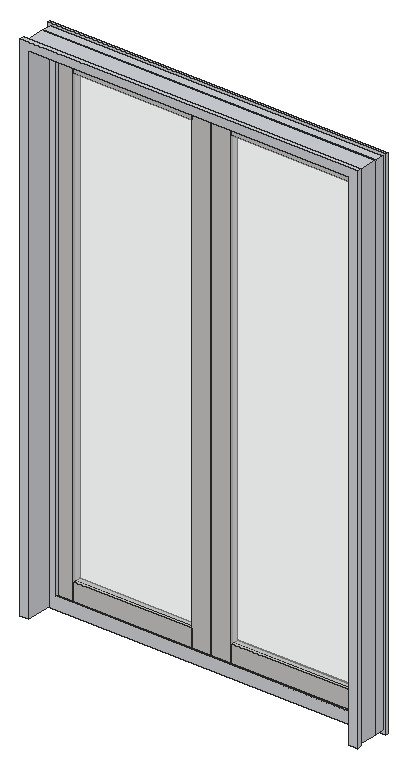
Revit family "APL Residential Thermal Heart French Door Open Out", category Doors, host Wall, Revit 2017 (continued)
Definition of nested family "APL Residential Thermal Heart French Door Open Out Horizontal Section"
  Definition of nested family "Keeper&Lock Stile"
    Definition of nested family "65240_Rebated Keeper Stile"
      Lines and regions (mm)
        model lines, in view "Ref. Level"
          curve 91: line (24.9, 64.753, 0) -> (24.9, 61.525, 0)
          curve 92: line (24.9, 61.525, 0) -> (24.706, 60.75, 0)
          curve 93: line (24.9, 60.5, 0) -> (25.421, 60.5, 0)
          curve 94: line (25.421, 60.5, 0) -> (26.831, 61.309, 0)
          curve 95: line (27.4, 61.45, 0) -> (27.4, 58.7, 0)
          curve 96: line (27.2, 58.5, 0) -> (20.403, 58.5, 0)
          curve 97: line (20.403, 58.5, 0) -> (20.003, 58.9, 0)
          curve 98: line (20.003, 58.9, 0) -> (19.603, 58.5, 0)
          curve 99: line (19.603, 58.5, 0) -> (16.403, 58.5, 0)
          curve 100: line (15.903, 59, 0) -> (15.903, 65.2, 0)
          curve 101: line (15.703, 65.4, 0) -> (12.6, 65.4, 0)
          curve 102: line (12.4, 65.2, 0) -> (12.4, 61.08, 0)
          curve 103: line (9.8, 58.48, 0) -> (1.8, 58.48, 0)
          curve 104: line (1.6, 58.28, 0) -> (1.6, 12.1, 0)
          curve 105: line (2.1, 11.6, 0) -> (6.317, 11.6, 0)
          curve 106: line (7.917, 10, 0) -> (7.917, 1.6, 0)
          curve 107: line (7.917, 1.6, 0) -> (28, 1.6, 0)
          curve 108: line (29, 2.6, 0) -> (29, 7.4, 0)
          curve 109: line (30, 8.4, 0) -> (33.2, 8.4, 0)
          curve 110: line (33.4, 8.2, 0) -> (33.4, 5.551, 0)
          curve 111: line (32.831, 5.691, 0) -> (31.577, 6.456, 0)
          curve 112: line (31.577, 6.456, 0) -> (30.9, 6.5, 0)
          curve 113: line (30.706, 6.25, 0) -> (30.894, 5.525, 0)
          curve 114: line (30.894, 5.525, 0) -> (30.9, 2.247, 0)
          curve 115: line (31.154, 1.5, 0) -> (33.221, 2.043, 0)
          curve 116: line (33.221, 2.043, 0) -> (33.407, 2.352, 0)
          curve 117: arc (33.221, 2.043, 0) -> (33.31, 2.095, 0) -> (33.362, 2.184, 0) r 0.2
          curve 118: arc (24.9, 61.439, 0) -> (25.017, 61.156, 0) -> (25.3, 61.039, 0) r 0.4
          curve 119: arc (25.593, 61.039, 0) -> (25.696, 61.053, 0) -> (25.793, 61.093, 0) r 0.4
          curve 120: arc (27.321, 61.978, 0) -> (27.611, 62.098, 0) -> (27.922, 62.139, 0) r 1.2
          curve 121: arc (28.845, 62.139, 0) -> (29.418, 62.32, 0) -> (29.784, 62.797, 0) r 1
          curve 122: arc (30.577, 64.976, 0) -> (30.724, 65.167, 0) -> (30.953, 65.239, 0) r 0.4
          curve 123: arc (37.447, 65.239, 0) -> (37.676, 65.167, 0) -> (37.823, 64.976, 0) r 0.4
          curve 124: arc (38.616, 62.797, 0) -> (38.982, 62.32, 0) -> (39.555, 62.139, 0) r 1
          curve 125: arc (40.478, 62.139, 0) -> (40.789, 62.098, 0) -> (41.079, 61.978, 0) r 1.2
          curve 126: arc (42.607, 61.093, 0) -> (42.704, 61.053, 0) -> (42.807, 61.039, 0) r 0.4
          curve 127: arc (43.1, 61.039, 0) -> (43.383, 61.156, 0) -> (43.5, 61.439, 0) r 0.4
          curve 128: arc (43.5, 64.839, 0) -> (43.383, 65.122, 0) -> (43.1, 65.239, 0) r 0.4
          curve 129: arc (42.807, 65.239, 0) -> (42.704, 65.225, 0) -> (42.607, 65.185, 0) r 0.4
          curve 130: arc (41.079, 64.301, 0) -> (40.785, 64.179, 0) -> (40.47, 64.139, 0) r 1.2
          curve 131: arc (40.47, 64.139, 0) -> (40.295, 64.192, 0) -> (40.184, 64.336, 0) r 0.3
          curve 132: arc (39.296, 66.776, 0) -> (39.149, 66.967, 0) -> (38.92, 67.039, 0) r 0.4
          curve 133: arc (29.48, 67.039, 0) -> (29.251, 66.967, 0) -> (29.104, 66.776, 0) r 0.4
          curve 134: arc (28.216, 64.336, 0) -> (28.105, 64.192, 0) -> (27.93, 64.139, 0) r 0.3
          curve 135: arc (27.93, 64.139, 0) -> (27.615, 64.179, 0) -> (27.321, 64.301, 0) r 1.2
          curve 136: arc (25.793, 65.185, 0) -> (25.696, 65.225, 0) -> (25.593, 65.239, 0) r 0.4
          curve 137: arc (25.3, 65.239, 0) -> (25.017, 65.122, 0) -> (24.9, 64.839, 0) r 0.4
          curve 138: line (25.3, 61.039, 0) -> (25.593, 61.039, 0)
          curve 139: line (25.793, 61.093, 0) -> (27.321, 61.978, 0)
          curve 140: line (27.922, 62.139, 0) -> (28.845, 62.139, 0)
          curve 141: line (29.784, 62.797, 0) -> (30.577, 64.976, 0)
          curve 142: line (30.953, 65.239, 0) -> (37.447, 65.239, 0)
          curve 143: line (37.823, 64.976, 0) -> (38.616, 62.797, 0)
          curve 144: line (39.555, 62.139, 0) -> (40.478, 62.139, 0)
          curve 145: line (41.079, 61.978, 0) -> (42.607, 61.093, 0)
          curve 146: line (42.807, 61.039, 0) -> (43.1, 61.039, 0)
          curve 147: line (43.5, 61.439, 0) -> (43.5, 64.839, 0)
          curve 148: line (43.1, 65.239, 0) -> (42.807, 65.239, 0)
          curve 149: line (42.607, 65.185, 0) -> (41.079, 64.301, 0)
          curve 150: line (40.184, 64.336, 0) -> (39.296, 66.776, 0)
          curve 151: line (38.92, 67.039, 0) -> (29.48, 67.039, 0)
          curve 152: line (29.104, 66.776, 0) -> (28.216, 64.336, 0)
          curve 153: line (27.321, 64.301, 0) -> (25.793, 65.185, 0)
          curve 154: line (25.593, 65.239, 0) -> (25.3, 65.239, 0)
          curve 155: line (24.9, 64.839, 0) -> (24.9, 61.439, 0)
          curve 156: arc (30.9, 5.639, 0) -> (31.017, 5.922, 0) -> (31.3, 6.039, 0) r 0.4
          curve 157: arc (31.593, 6.039, 0) -> (31.696, 6.025, 0) -> (31.793, 5.985, 0) r 0.4
          curve 158: arc (33.321, 5.101, 0) -> (33.611, 4.98, 0) -> (33.922, 4.939, 0) r 1.2
          curve 159: arc (34.845, 4.939, 0) -> (35.418, 4.758, 0) -> (35.784, 4.281, 0) r 1
          curve 160: arc (36.577, 2.102, 0) -> (36.724, 1.911, 0) -> (36.953, 1.839, 0) r 0.4
          curve 161: arc (43.447, 1.839, 0) -> (43.676, 1.911, 0) -> (43.823, 2.102, 0) r 0.4
          curve 162: arc (44.616, 4.281, 0) -> (44.982, 4.758, 0) -> (45.555, 4.939, 0) r 1
          curve 163: arc (46.478, 4.939, 0) -> (46.789, 4.98, 0) -> (47.079, 5.101, 0) r 1.2
          curve 164: arc (48.607, 5.985, 0) -> (48.704, 6.025, 0) -> (48.807, 6.039, 0) r 0.4
          curve 165: arc (49.1, 6.039, 0) -> (49.383, 5.922, 0) -> (49.5, 5.639, 0) r 0.4
          curve 166: arc (49.5, 2.242, 0) -> (49.384, 1.957, 0) -> (49.1, 1.839, 0) r 0.4
          curve 167: arc (48.807, 1.839, 0) -> (48.704, 1.853, 0) -> (48.607, 1.893, 0) r 0.4
          curve 168: arc (47.079, 2.778, 0) -> (46.785, 2.899, 0) -> (46.47, 2.939, 0) r 1.2
          curve 169: arc (46.47, 2.939, 0) -> (46.295, 2.886, 0) -> (46.184, 2.742, 0) r 0.3
          curve 170: arc (45.296, 0.302, 0) -> (45.149, 0.111, 0) -> (44.92, 0.039, 0) r 0.4
          curve 171: arc (35.48, 0.039, 0) -> (35.251, 0.111, 0) -> (35.104, 0.302, 0) r 0.4
          curve 172: arc (34.216, 2.742, 0) -> (34.105, 2.886, 0) -> (33.93, 2.939, 0) r 0.3
          curve 173: arc (33.93, 2.939, 0) -> (33.615, 2.899, 0) -> (33.321, 2.778, 0) r 1.2
          curve 174: arc (31.793, 1.893, 0) -> (31.696, 1.853, 0) -> (31.593, 1.839, 0) r 0.4
          curve 175: arc (31.3, 1.839, 0) -> (31.017, 1.956, 0) -> (30.9, 2.239, 0) r 0.4
          curve 176: line (31.3, 6.039, 0) -> (31.593, 6.039, 0)
          curve 177: line (31.793, 5.985, 0) -> (33.321, 5.101, 0)
          curve 178: line (33.922, 4.939, 0) -> (34.845, 4.939, 0)
          curve 179: line (35.784, 4.281, 0) -> (36.577, 2.102, 0)
          curve 180: line (36.953, 1.839, 0) -> (43.447, 1.839, 0)
          curve 181: line (43.823, 2.102, 0) -> (44.616, 4.281, 0)
          curve 182: line (45.555, 4.939, 0) -> (46.478, 4.939, 0)
          curve 183: line (47.079, 5.101, 0) -> (48.607, 5.985, 0)
          curve 184: line (48.807, 6.039, 0) -> (49.1, 6.039, 0)
          curve 185: line (49.5, 5.639, 0) -> (49.5, 2.247, 0)
          curve 186: line (49.1, 1.839, 0) -> (48.807, 1.839, 0)
          curve 187: line (48.607, 1.893, 0) -> (47.079, 2.778, 0)
          curve 188: line (46.184, 2.742, 0) -> (45.296, 0.302, 0)
          curve 189: line (44.92, 0.039, 0) -> (35.48, 0.039, 0)
          curve 190: line (35.104, 0.302, 0) -> (34.216, 2.742, 0)
          curve 191: line (33.321, 2.778, 0) -> (31.793, 1.893, 0)
          curve 192: line (31.593, 1.839, 0) -> (31.3, 1.839, 0)
          curve 193: line (30.9, 2.247, 0) -> (30.9, 5.639, 0)
          curve 194: arc (49.5, 2.247, 0) -> (49.526, 2.125, 0) -> (49.6, 2.024, 0) r 0.3
          curve 195: arc (49.6, 2.024, 0) -> (49.68, 1.693, 0) -> (49.4, 1.5, 0) r 0.3
          curve 196: arc (47.179, 2.043, 0) -> (47.09, 2.095, 0) -> (47.038, 2.184, 0) r 0.2
          curve 197: arc (46.993, 2.352, 0) -> (46.852, 2.493, 0) -> (46.659, 2.441, 0) r 0.2
          curve 198: arc (46.295, 2.078, 0) -> (46.235, 1.992, 0) -> (46.208, 1.892, 0) r 0.3
          curve 199: arc (46.001, -0.474, 0) -> (46.117, -0.738, 0) -> (46.403, -0.782, 0) r 0.3
          curve 200: arc (47.813, -0.268, 0) -> (47.939, -0.181, 0) -> (48.005, -0.043, 0) r 0.3
          curve 201: arc (48.005, -0.043, 0) -> (48.278, 0.199, 0) -> (48.583, 0, 0) r 0.3
          curve 202: arc (50.3, 0, 0) -> (50.441, -0.059, 0) -> (50.5, -0.2, 0) r 0.2
          curve 203: arc (50.5, -17.5, 0) -> (50.646, -17.854, 0) -> (51, -18, 0) r 0.5
          curve 204: arc (51.5, -18, 0) -> (51.854, -17.854, 0) -> (52, -17.5, 0) r 0.5
          curve 205: arc (52, 86.2, 0) -> (51.8, 86.4, 0) -> (51.6, 86.2, 0) r 0.2
          curve 206: arc (43, 86, 0) -> (42.646, 85.854, 0) -> (42.5, 85.5, 0) r 0.5
          curve 207: arc (42.5, 84.25, 0) -> (43, 83.75, 0) -> (43.5, 84.25, 0) r 0.5
          curve 208: arc (43.5, 84.8, 0) -> (43.559, 84.941, 0) -> (43.7, 85, 0) r 0.2
          curve 209: arc (44.8, 85, 0) -> (44.941, 84.941, 0) -> (45, 84.8, 0) r 0.2
          curve 210: arc (45, 79.7, 0) -> (44.941, 79.559, 0) -> (44.8, 79.5, 0) r 0.2
          curve 211: arc (43.7, 79.5, 0) -> (43.559, 79.559, 0) -> (43.5, 79.7, 0) r 0.2
          curve 212: arc (43.5, 80.25, 0) -> (43, 80.75, 0) -> (42.5, 80.25, 0) r 0.5
          curve 213: arc (42.5, 78.7, 0) -> (42.559, 78.559, 0) -> (42.7, 78.5, 0) r 0.2
          curve 214: arc (46, 78.5, 0) -> (46.354, 78.646, 0) -> (46.5, 79, 0) r 0.5
          curve 215: arc (46.5, 84, 0) -> (46.646, 84.354, 0) -> (47, 84.5, 0) r 0.5
          curve 216: arc (49.6, 84.5, 0) -> (49.954, 84.354, 0) -> (50.1, 84, 0) r 0.5
          curve 217: arc (50.1, 68.5, 0) -> (49.954, 68.146, 0) -> (49.6, 68, 0) r 0.5
          curve 218: arc (44.78, 68, 0) -> (44.639, 67.941, 0) -> (44.58, 67.8, 0) r 0.2
          curve 219: arc (44.58, 67.2, 0) -> (44.521, 67.059, 0) -> (44.38, 67, 0) r 0.2
          curve 220: arc (42.583, 67, 0) -> (42.278, 66.801, 0) -> (42.005, 67.043, 0) r 0.3
          curve 221: arc (42.005, 67.043, 0) -> (41.939, 67.181, 0) -> (41.813, 67.268, 0) r 0.3
          curve 222: arc (40.403, 67.782, 0) -> (40.117, 67.738, 0) -> (40.001, 67.474, 0) r 0.3
          curve 223: arc (40.208, 65.108, 0) -> (40.235, 65.008, 0) -> (40.295, 64.922, 0) r 0.3
          curve 224: arc (40.659, 64.559, 0) -> (40.852, 64.507, 0) -> (40.993, 64.648, 0) r 0.2
          curve 225: arc (41.038, 64.816, 0) -> (41.09, 64.905, 0) -> (41.179, 64.957, 0) r 0.2
          curve 226: arc (43.4, 65.5, 0) -> (43.68, 65.307, 0) -> (43.6, 64.976, 0) r 0.3
          curve 227: arc (43.6, 64.976, 0) -> (43.526, 64.875, 0) -> (43.5, 64.753, 0) r 0.3
          curve 228: arc (43.694, 60.75, 0) -> (43.658, 60.578, 0) -> (43.5, 60.5, 0) r 0.2
          curve 229: arc (42.979, 60.5, 0) -> (42.898, 60.511, 0) -> (42.823, 60.544, 0) r 0.3
          curve 230: arc (41.569, 61.309, 0) -> (41.572, 61.479, 0) -> (41.466, 61.611, 0) r 0.25
          curve 231: arc (41.38, 61.663, 0) -> (41.128, 61.668, 0) -> (41, 61.45, 0) r 0.25
          curve 232: arc (41, 59.874, 0) -> (41.128, 59.385, 0) -> (41.479, 59.021, 0) r 1
          curve 233: arc (42.049, 58.673, 0) -> (42.174, 58.619, 0) -> (42.309, 58.6, 0) r 0.5
          curve 234: arc (44.9, 58.6, 0) -> (45.254, 58.746, 0) -> (45.4, 59.1, 0) r 0.5
          curve 235: arc (45.4, 65.091, 0) -> (45.455, 65.318, 0) -> (45.608, 65.496, 0) r 0.5
          curve 236: arc (45.608, 65.496, 0) -> (45.836, 65.687, 0) -> (46.035, 65.908, 0) r 2.1
          curve 237: arc (46.035, 65.908, 0) -> (46.21, 66.049, 0) -> (46.429, 66.1, 0) r 0.5
          curve 238: arc (49.6, 66.1, 0) -> (49.954, 65.954, 0) -> (50.1, 65.6, 0) r 0.5
          curve 239: arc (50.1, 12.4, 0) -> (49.954, 12.046, 0) -> (49.6, 11.9, 0) r 0.5
          curve 240: arc (45.3, 11.9, 0) -> (45.159, 11.841, 0) -> (45.1, 11.7, 0) r 0.2
          curve 241: arc (45.1, 10.1, 0) -> (45.159, 9.959, 0) -> (45.3, 9.9, 0) r 0.2
          curve 242: arc (49.9, 9.9, 0) -> (50.041, 9.841, 0) -> (50.1, 9.7, 0) r 0.2
          curve 243: arc (50.1, 8.7, 0) -> (50.041, 8.559, 0) -> (49.9, 8.5, 0) r 0.2
          curve 244: arc (48.613, 8.5, 0) -> (48.343, 8.463, 0) -> (48.092, 8.354, 0) r 1
          curve 245: arc (47.479, 7.979, 0) -> (47.128, 7.615, 0) -> (47, 7.126, 0) r 1
          curve 246: arc (47, 5.55, 0) -> (47.128, 5.332, 0) -> (47.38, 5.337, 0) r 0.25
          curve 247: arc (47.466, 5.389, 0) -> (47.572, 5.521, 0) -> (47.569, 5.691, 0) r 0.25
          curve 248: arc (48.823, 6.456, 0) -> (48.898, 6.489, 0) -> (48.979, 6.5, 0) r 0.3
          curve 249: arc (49.5, 6.5, 0) -> (49.658, 6.422, 0) -> (49.694, 6.25, 0) r 0.2
          curve 250: line (49.246, 1.5, 0) -> (47.179, 2.043, 0)
          curve 251: line (47.179, 2.043, 0) -> (46.993, 2.352, 0)
          curve 252: line (46.659, 2.441, 0) -> (46.295, 2.078, 0)
          curve 253: line (46.208, 1.892, 0) -> (46.001, -0.474, 0)
          curve 254: line (46.403, -0.782, 0) -> (47.813, -0.268, 0)
          curve 255: line (48.583, 0, 0) -> (50.3, 0, 0)
          curve 256: line (50.5, -0.2, 0) -> (50.5, -17.5, 0)
          curve 257: line (51, -18, 0) -> (51.5, -18, 0)
          curve 258: line (52, -17.5, 0) -> (52, 86.2, 0)
          curve 259: line (51.6, 86.2, 0) -> (51.6, 86, 0)
          curve 260: line (51.6, 86, 0) -> (43, 86, 0)
          curve 261: line (42.5, 85.5, 0) -> (42.5, 84.25, 0)
          curve 262: line (43.5, 84.25, 0) -> (43.5, 84.8, 0)
          curve 263: line (43.7, 85, 0) -> (44.8, 85, 0)
          curve 264: line (45, 84.8, 0) -> (45, 79.7, 0)
          curve 265: line (44.8, 79.5, 0) -> (43.7, 79.5, 0)
          curve 266: line (43.5, 79.7, 0) -> (43.5, 80.25, 0)
          curve 267: line (42.5, 80.25, 0) -> (42.5, 78.7, 0)
          curve 268: line (42.7, 78.5, 0) -> (46, 78.5, 0)
          curve 269: line (46.5, 79, 0) -> (46.5, 84, 0)
          curve 270: line (47, 84.5, 0) -> (49.6, 84.5, 0)
          curve 271: line (50.1, 84, 0) -> (50.1, 68.5, 0)
          curve 272: line (49.6, 68, 0) -> (44.78, 68, 0)
          curve 273: line (44.58, 67.8, 0) -> (44.58, 67.2, 0)
          curve 274: line (44.38, 67, 0) -> (42.583, 67, 0)
          curve 275: line (41.813, 67.268, 0) -> (40.403, 67.782, 0)
          curve 276: line (40.001, 67.474, 0) -> (40.208, 65.108, 0)
          curve 277: line (40.295, 64.922, 0) -> (40.659, 64.559, 0)
          curve 278: line (40.993, 64.648, 0) -> (41.038, 64.816, 0)
          curve 279: line (41.038, 64.816, 0) -> (43.168, 65.49, 0)
          curve 280: line (43.168, 65.49, 0) -> (43.4, 65.5, 0)
          curve 281: line (43.5, 64.753, 0) -> (43.5, 61.525, 0)
          curve 282: line (43.5, 61.525, 0) -> (43.694, 60.75, 0)
          curve 283: line (43.5, 60.5, 0) -> (42.979, 60.5, 0)
          curve 284: line (42.979, 60.5, 0) -> (41.569, 61.309, 0)
          curve 285: line (41, 61.45, 0) -> (41, 59.874, 0)
          curve 286: line (41.479, 59.021, 0) -> (42.049, 58.673, 0)
          curve 287: line (42.309, 58.6, 0) -> (44.9, 58.6, 0)
          curve 288: line (45.4, 59.1, 0) -> (45.4, 65.091, 0)
          curve 289: line (46.429, 66.1, 0) -> (49.6, 66.1, 0)
          curve 290: line (50.1, 65.6, 0) -> (50.1, 12.4, 0)
          curve 291: line (49.6, 11.9, 0) -> (45.3, 11.9, 0)
          curve 292: line (45.1, 11.7, 0) -> (45.1, 10.1, 0)
          curve 293: line (45.3, 9.9, 0) -> (49.9, 9.9, 0)
          curve 294: line (50.1, 9.7, 0) -> (50.1, 8.7, 0)
          curve 295: line (49.9, 8.5, 0) -> (48.613, 8.5, 0)
          curve 296: line (48.092, 8.354, 0) -> (47.479, 7.979, 0)
          curve 297: line (47, 7.126, 0) -> (47, 5.55, 0)
          curve 298: line (47.569, 5.691, 0) -> (48.823, 6.456, 0)
          curve 299: line (48.823, 6.456, 0) -> (49.5, 6.5, 0)
          curve 300: line (49.694, 6.25, 0) -> (49.506, 5.525, 0)
          curve 301: line (49.506, 5.525, 0) -> (49.5, 2.242, 0)
          curve 302: arc (50.1, 68.5, 0) -> (49.954, 68.146, 0) -> (49.6, 68, 0) r 0.5
      Text (mm)
        text "65240" at (12.231, 108.974, 0), in view "Ref. Level"
Types (2, lengths in mm): name | Rough Height | Reveal Liner | Liner | Frame Projection Ext. | Height | Architrave
  Architrave | 2500 | no | 51 | 13 | 2487.5 | yes
  Liner | 2313 | yes | 407 | 14.3 | 2300.5 | no
